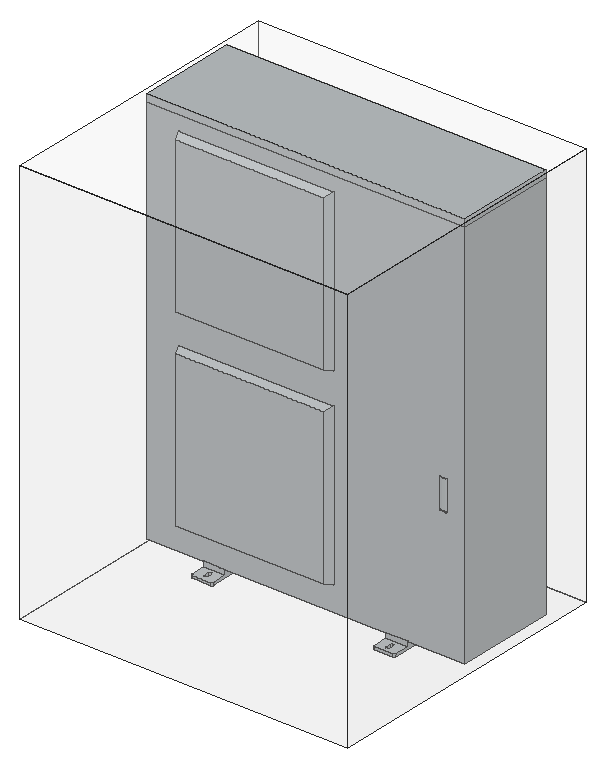
Revit family "puz-hrmp80_160ka10_60hz", category 機械設備, Revit 2023
Family settings
  丸型コネクタ寸法 = 直径を使用
  パーツ タイプ = 標準
  OmniClass 番号 = 23.75.10.24.21.27.27
  OmniClass タイトル = Split System Air Conditioning Units
  作業面ベース = いいえ
  常に垂直 = はい
  ロード時にボイドで切り取り = いいえ
  注釈の向きを維持 = いいえ
  共有 = いいえ
  部屋計算ポイント = いいえ
Parameters (values of type "PUZ-HRMP112KA10")
  風量_冷房 (㎥/min) = 110
  風量 = [風量_冷房 (㎥/min)] * 60.0 m³/h  # 6600.0 m³/h
  音響パワーレベル_暖房 (dB) = 69
  音響パワーレベル_冷房 (dB) = 66
  音響パワーレベル(dB) = if([音響パワーレベル_冷房 (dB)] > [音響パワーレベル_暖房 (dB)], [音響パワーレベル_冷房 (dB)], [音響パワーレベル_暖房 (dB)])  # 69
  電源種別 = ""
  電源位置Y = 2 mm
  電源位置Z = 1063 mm
  電源位置X = 325 mm
  電圧 = 200 V
  電動機出力_送風機 = 0.12 kW
  電動機出力_圧縮機 = 2.1 kW
  集中コントローラ [instance] = ""
  運転質量 = 0.00 kg
  運転方法 = "冷暖切替"
  質量 = if(製品質量 > 運転質量, 製品質量, 運転質量) * 1.2  # 135.60 kg
  負荷分類 = 1_熱源類
  説明 = "空冷H/P PAC インバータ室外機"
  設計暖房能力 [instance] = 0 kW
  設計冷房能力_顕熱 [instance] = 0 kW
  設計冷房能力 [instance] = 0 kW
  設置方法 = "床置形"
  記号 [instance] = ""
  製造元 = "三菱電機株式会社"
  製品質量 = 113.00 kg
  製品出荷対象 = "国内"
  製品リリース年月 = "2026/5/11"
  系統 [instance] = ""
  符号 = "PAC"
  積算_科目 = "1 空気調和設備"
  積算_拾い区分 [instance] = ""
  相 = 3
  盤記号 [instance] = ""
  発停方法 = "別売リモコン"
  特殊仕様 [instance] = ""
  消費電力_暖房 = 2.69 kW
  消費電力_冷房 = 2.5 kW
  消費電力 = if(消費電力_冷房 > 消費電力_暖房, 消費電力_冷房, 消費電力_暖房)  # 2.69 kW
  法定耐用年数 = "6"
  極数 = 3
  材質 [instance] = ""
  本体マテリアル = Galvanized steel plate
  最小電線太さ_mm2 = 5.5
  最大電流値 = 0 A
  暖房能力 = 11.2 kW
  既定の高さ = 0 mm
  推奨ブレーカー容量 = 30 A
  据付ピッチ1 = 0 mm
  形式 = "パッケージ形 室外機"
  形名 = PUZ-HDRMP-3 : PUZ-HDRMP-3
  幹線記号 [instance] = ""
  始動方式 = "インバータ"
  呼称 = "パッケージ形空気調和機_室外機"
  周波数 = 60 Hz
  価格 = 0
  ドレン　位置Z = 23 mm
  ドレン　位置Y = 176 mm
  ドレン　位置X = 45 mm
  アンカーボルト位置Y = 370 mm
  アンカーボルト位置X = 600 mm
  参照している仕様書等のバージョン = "公共建築物標準仕様書（機械設備工事編）平成31年度版"
  分類コード = "50053003126100"
  分類グループ = "設備"
  冷房能力 = 10 kW
  冷媒管（ガス）位置X = 483 mm
  冷媒管（液）位置X = 423 mm
  冷媒管（液）位置Y = 290 mm
  冷媒管（ガス）位置Y = 274 mm
  冷媒管長 [instance] = 0 mm
  冷媒管径符号 = "Bd"
  冷媒管径 = 100 mm
  冷媒管位置Z = 450 mm
  冷媒管位置Y = (冷媒管（液）位置Y + 冷媒管（ガス）位置Y) / 2  # 282 mm
  冷媒管位置X = (冷媒管（液）位置X + 冷媒管（ガス）位置X) / 2  # 453 mm
  冷媒液管径 = 9.52 mm
  冷媒ガス管径 = 15.88 mm
  企業コード = "108420"
  付属品 [instance] = ""
  ユニット数 = 1
  モデル = "PUZ-HRMP112KA10"
  ドレン管径 = 33 mm
  サービススペース = yes
  コメント [instance] = ""
  【値が 0 の項目は組合せ形名にてご確認ください】 = ""
  Width = 1050 mm
  Version = ""
  Uniclass2015Version = "Systems v1.9"
  Uniclass2015Title = "Split coil remote air cooled condensing units"
  Uniclass2015Code = "Pr_70_65_03_84"
  URL = "https://www.mitsubishielectric.co.jp/ldg/wink/qr/002/364625"
  SpecificationReference = ""
  SpecificationDescription = ""
  Revision = ""
  ProductInformation = ""
  OmniClassCode = "23-33 17 13 11"
  IfcTypeProduct = ""
  IfcProduct = ""
  IfcExportType = "AIRCONDITIONINGUNIT"
  IfcExportAs = "IfcUnitaryEquipmentType"
  Height = 1338 mm
  Depth = 330 mm
  Clearance Top = 0 mm
  Clearance Right = 15 mm
  Clearance Left = 15 mm
  Clearance Front = 500 mm
  Clearance Bottom = 0 mm
  Clearance Back = 150 mm
  COP_暖房 = 0
  COP_冷房 = 0
  COP = (COP_冷房 + COP_暖房) / 2  # 0
  BLCJ仕様バージョン = "2.0"
  Author = "三菱電機株式会社"
  APF = 0
Reference planes
  plane 1 "中心(正面/背面)": y = 74
  plane 2: z = 0
  plane 3 "中心(左/右)": x = 830
  plane 4 "右": x = 1355
  plane 5 "左": x = 305
  plane 6 "背面": y = 239
  plane 7 "正面": y = -91
  plane 8 "上部": z = 1338
  plane 9 "Clearanse Top": z = 1338
  plane 10 "SS_back": y = 389
  plane 11 "SS_front": y = -591
  plane 12 "SS_left": x = 290
  plane 13 "SS_right": x = 1370
  plane 14: z = 0
  plane 15: y = -89
  plane 16: x = 1155
  plane 17: z = 1063
  plane 18: y = -87
  plane 19: y = -43
  plane 20: x = 1283
  plane 21: z = 450
  plane 22: z = 452
  plane 23: y = 63
  plane 24: x = 350
  plane 25: z = 25
  plane 26: z = 23
  plane 27: x = 530
  plane 28: x = 1130
  plane 29: y = 259
  plane 30: y = -111
Forms (mm)
  Extrusion 1, solid, detail levels fine
    sketch origin (0, -91, 0) x (1, 0, 0) y (0, 0, 1)
      loop
        circle (1155, 1063) r 13.5
    from -4 to -2
  Extrusion 2, solid, detail levels fine
    sketch origin (-1437.329, -1524, 54) x (-1, 0, 0) y (0, -1, 0)
      loop
        circle (-2720.329, -1481) r 50
    from 396 to 398
  Extrusion 3, solid, detail levels fine
    sketch origin (-1437.329, -1524, 54) x (-1, 0, 0) y (0, -1, 0)
      loop
        circle (-1787.329, -1587) r 16.5
    from -31 to -29
Lines and regions (mm)
  model lines, not visible
    curve 1: line (460, 178.667, 1289.179) -> (460, 297.73, 1289.179)
    curve 2: line (460, 178.667, 1056.056) -> (460, 178.667, 1289.179)
    curve 3: line (460, 297.73, 1056.056) -> (460, 178.667, 1056.056)
    curve 4: line (460, 297.73, 1289.179) -> (460, 297.73, 1056.056)
    curve 5: line (460, 47.598, 1289.179) -> (460, 166.661, 1289.179)
    curve 6: line (460, 47.598, 1056.056) -> (460, 47.598, 1289.179)
    curve 7: line (460, 166.661, 1056.056) -> (460, 47.598, 1056.056)
    curve 8: line (460, 166.661, 1289.179) -> (460, 166.661, 1056.056)
    curve 9: line (460, -83.471, 1289.179) -> (460, 35.592, 1289.179)
    curve 10: line (460, -83.471, 1056.056) -> (460, -83.471, 1289.179)
    curve 11: line (460, 35.592, 1056.056) -> (460, -83.471, 1056.056)
    curve 12: line (460, 35.592, 1289.179) -> (460, 35.592, 1056.056)
    curve 13: line (460, -150.779, 1289.179) -> (460, -95.75, 1289.179)
    curve 14: line (460, -150.779, 1056.056) -> (460, -150.779, 1289.179)
    curve 15: line (460, -95.75, 1056.056) -> (460, -150.779, 1056.056)
    curve 16: line (460, -95.75, 1289.179) -> (460, -95.75, 1056.056)
    curve 17: line (460, -150.779, 1283.175) -> (460, -132.596, 1283.175)
    curve 18: line (460, -150.779, 1062.059) -> (460, -150.779, 1283.175)
    curve 19: line (460, -132.596, 1062.059) -> (460, -150.779, 1062.059)
    curve 20: line (460, -132.596, 1283.175) -> (460, -132.596, 1062.059)
    curve 21: line (460, 178.667, 1046.051) -> (460, 297.73, 1046.051)
    curve 22: line (460, 178.667, 812.928) -> (460, 178.667, 1046.051)
    curve 23: line (460, 297.73, 812.928) -> (460, 178.667, 812.928)
    curve 24: line (460, 297.73, 1046.051) -> (460, 297.73, 812.928)
    curve 25: line (460, 47.598, 1046.051) -> (460, 166.661, 1046.051)
    curve 26: line (460, 47.598, 812.928) -> (460, 47.598, 1046.051)
    curve 27: line (460, 166.661, 812.928) -> (460, 47.598, 812.928)
    curve 28: line (460, 166.661, 1046.051) -> (460, 166.661, 812.928)
    curve 29: line (460, -83.471, 1046.051) -> (460, 35.592, 1046.051)
    curve 30: line (460, -83.471, 812.928) -> (460, -83.471, 1046.051)
    curve 31: line (460, 35.592, 812.928) -> (460, -83.471, 812.928)
    curve 32: line (460, 35.592, 1046.051) -> (460, 35.592, 812.928)
    curve 33: line (460, -150.779, 1046.051) -> (460, -95.75, 1046.051)
    curve 34: line (460, -150.779, 812.928) -> (460, -150.779, 1046.051)
    curve 35: line (460, -95.75, 812.928) -> (460, -150.779, 812.928)
    curve 36: line (460, -95.75, 1046.051) -> (460, -95.75, 812.928)
    curve 37: line (460, -150.779, 1040.048) -> (460, -132.596, 1040.048)
    curve 38: line (460, -150.779, 818.931) -> (460, -150.779, 1040.048)
    curve 39: line (460, -132.596, 818.931) -> (460, -150.779, 818.931)
    curve 40: line (460, -132.596, 1040.048) -> (460, -132.596, 818.931)
    curve 41: line (460, 178.667, 802.923) -> (460, 297.73, 802.923)
    curve 42: line (460, 178.667, 569.8) -> (460, 178.667, 802.923)
    curve 43: line (460, 297.73, 569.8) -> (460, 178.667, 569.8)
    curve 44: line (460, 297.73, 802.923) -> (460, 297.73, 569.8)
    curve 45: line (460, 47.598, 802.923) -> (460, 166.661, 802.923)
    curve 46: line (460, 47.598, 569.8) -> (460, 47.598, 802.923)
    curve 47: line (460, 166.661, 569.8) -> (460, 47.598, 569.8)
    curve 48: line (460, 166.661, 802.923) -> (460, 166.661, 569.8)
    curve 49: line (460, -83.471, 802.923) -> (460, 35.592, 802.923)
    curve 50: line (460, -83.471, 569.8) -> (460, -83.471, 802.923)
    curve 51: line (460, 35.592, 569.8) -> (460, -83.471, 569.8)
    curve 52: line (460, 35.592, 802.923) -> (460, 35.592, 569.8)
    curve 53: line (460, -150.779, 802.923) -> (460, -95.75, 802.923)
    curve 54: line (460, -150.779, 569.8) -> (460, -150.779, 802.923)
    curve 55: line (460, -95.75, 569.8) -> (460, -150.779, 569.8)
    curve 56: line (460, -95.75, 802.923) -> (460, -95.75, 569.8)
    curve 57: line (460, -150.779, 796.92) -> (460, -132.596, 796.92)
    curve 58: line (460, -150.779, 575.803) -> (460, -150.779, 796.92)
    curve 59: line (460, -132.596, 575.803) -> (460, -150.779, 575.803)
    curve 60: line (460, -132.596, 796.92) -> (460, -132.596, 575.803)
    curve 61: line (460, 178.667, 559.795) -> (460, 297.73, 559.795)
    curve 62: line (460, 178.667, 326.672) -> (460, 178.667, 559.795)
    curve 63: line (460, 297.73, 326.672) -> (460, 178.667, 326.672)
    curve 64: line (460, 297.73, 559.795) -> (460, 297.73, 326.672)
    curve 65: line (460, 47.598, 559.795) -> (460, 166.661, 559.795)
    curve 66: line (460, 47.598, 326.672) -> (460, 47.598, 559.795)
    curve 67: line (460, 166.661, 326.672) -> (460, 47.598, 326.672)
    curve 68: line (460, 166.661, 559.795) -> (460, 166.661, 326.672)
    curve 69: line (460, -83.471, 559.795) -> (460, 35.592, 559.795)
    curve 70: line (460, -83.471, 326.672) -> (460, -83.471, 559.795)
    curve 71: line (460, 35.592, 326.672) -> (460, -83.471, 326.672)
    curve 72: line (460, 35.592, 559.795) -> (460, 35.592, 326.672)
    curve 73: line (460, -150.779, 559.795) -> (460, -95.75, 559.795)
    curve 74: line (460, -150.779, 326.672) -> (460, -150.779, 559.795)
    curve 75: line (460, -95.75, 326.672) -> (460, -150.779, 326.672)
    curve 76: line (460, -95.75, 559.795) -> (460, -95.75, 326.672)
    curve 77: line (460, -150.779, 553.792) -> (460, -132.596, 553.792)
    curve 78: line (460, -150.779, 332.675) -> (460, -150.779, 553.792)
    curve 79: line (460, -132.596, 332.675) -> (460, -150.779, 332.675)
    curve 80: line (460, -132.596, 553.792) -> (460, -132.596, 332.675)
    curve 81: line (460, 178.667, 316.667) -> (460, 297.73, 316.667)
    curve 82: line (460, 178.667, 83.544) -> (460, 178.667, 316.667)
    curve 83: line (460, 297.73, 83.544) -> (460, 178.667, 83.544)
    curve 84: line (460, 297.73, 316.667) -> (460, 297.73, 83.544)
    curve 85: line (460, 47.598, 316.667) -> (460, 166.661, 316.667)
    curve 86: line (460, 47.598, 83.544) -> (460, 47.598, 316.667)
    curve 87: line (460, 166.661, 83.544) -> (460, 47.598, 83.544)
    curve 88: line (460, 166.661, 316.667) -> (460, 166.661, 83.544)
    curve 89: line (460, -83.471, 316.667) -> (460, 35.592, 316.667)
    curve 90: line (460, -83.471, 83.544) -> (460, -83.471, 316.667)
    curve 91: line (460, 35.592, 83.544) -> (460, -83.471, 83.544)
    curve 92: line (460, 35.592, 316.667) -> (460, 35.592, 83.544)
    curve 93: line (460, -150.779, 316.667) -> (460, -95.75, 316.667)
    curve 94: line (460, -150.779, 83.544) -> (460, -150.779, 316.667)
    curve 95: line (460, -95.75, 83.544) -> (460, -150.779, 83.544)
    curve 96: line (460, -95.75, 316.667) -> (460, -95.75, 83.544)
    curve 97: line (460, -150.779, 310.664) -> (460, -132.596, 310.664)
    curve 98: line (460, -150.779, 89.547) -> (460, -150.779, 310.664)
    curve 99: line (460, -132.596, 89.547) -> (460, -150.779, 89.547)
    curve 100: line (460, -132.596, 310.664) -> (460, -132.596, 89.547)
Dimensions and locks
  equal spacing: plane 7 "正面", plane 1 "中心(正面/背面)", plane 6 "背面"
  "Depth": plane 7 "正面" to plane 6 "背面"
  "Width": plane 5 "左" to plane 4 "右"
  equal spacing: plane 5 "左", plane 3 "中心(左/右)", plane 4 "右"
  "Clearance Left": plane 12 "SS_left" to plane 5 "左"
  "Clearance Right": plane 4 "右" to plane 13 "SS_right"
  "Clearance Back": plane 6 "背面" to plane 10 "SS_back"
  "Clearance Front": plane 11 "SS_front" to plane 7 "正面"
  "Height": plane 8 "上部" to level
  "Clearance Top": plane 9 "Clearanse Top" to plane 8 "上部"
  "Clearance Bottom": level to plane 14
  "電源位置X": plane 3 "中心(左/右)" to plane 16
  "電源位置Y": plane 7 "正面" to plane 15
  "電源位置Z": plane 17 to level
  locked: plane 15 to plane 18 at 2
  "冷媒管位置X": plane 3 "中心(左/右)" to plane 20
  "冷媒管位置Y": plane 19 to plane 6 "背面"
  "冷媒管位置Z": plane 21 to level
  locked: plane 22 to plane 21 at 2
  "ドレン　位置X": plane 5 "左" to plane 24
  "ドレン　位置Y": plane 23 to plane 6 "背面"
  locked: plane 25 to plane 26 at 2
  "ドレン　位置Z": plane 26 to level
  equal spacing: plane 30, plane 1 "中心(正面/背面)", plane 29
  "アンカーボルト位置Y": plane 30 to plane 29
  equal spacing: plane 27, plane 3 "中心(左/右)", plane 28
  "アンカーボルト位置X": plane 27 to plane 28
  radius of Extrusion 1 sketch curve = 13.5 mm
  "冷媒管径": diameter of Extrusion 2 sketch curve
  "ドレン管径": diameter of Extrusion 3 sketch curve
  aligned and locked: level to plane 2
  aligned and locked: plane 10 "SS_back" to nested 1  (x2)
  aligned and locked: plane 13 "SS_right" to nested 1
  aligned and locked: plane 12 "SS_left" to nested 1  (x2)
  aligned and locked: nested 1 to plane 13 "SS_right"
  aligned and locked: plane 11 "SS_front" to nested 1
  aligned and locked: plane 9 "Clearanse Top" to nested 1
  aligned and locked: plane 1 "中心(正面/背面)" to nested 2
  aligned and locked: plane 3 "中心(左/右)" to nested 2
  aligned and locked: plane 14 to nested 1
  aligned and locked: plane 17 to Extrusion 1 sketch curve
  aligned and locked: plane 16 to Extrusion 1 sketch curve
  aligned and locked: Extrusion 1 to plane 18
  aligned and locked: plane 15 to Extrusion 1
  aligned and locked: plane 19 to Extrusion 2 sketch curve
  aligned and locked: plane 20 to Extrusion 2 sketch curve
  aligned and locked: plane 22 to Extrusion 2
  aligned and locked: Extrusion 2 to plane 21
  aligned and locked: plane 24 to Extrusion 3 sketch curve
  aligned and locked: plane 23 to Extrusion 3 sketch curve
  aligned and locked: plane 25 to Extrusion 3
  aligned and locked: Extrusion 3 to plane 26
  aligned and locked: plane 27 to nested 3
  aligned and locked: plane 29 to nested 3
Nested families
  nested 1: "サービススペース" at (830, -101, 669), visible <- "サービススペース", type "サービススペース"
    with Width 1080 mm, Height 1338 mm, Depth 980 mm
  nested 2: "PUZ-HDRMP-3" at (830, 74, 0), type <- "形名", type "PUZ-HDRMP-3", detail levels fine
  nested 3: "固定点" at (530, -111, 0), type "固定点"
    with W 600 mm, D 370 mm
Connectors
  piping at (1283, -43, 450), diameter 100, driven by "冷媒管径", driven by "冷媒管径符号"
    settings: on Extrusion 2, index 1, connector inside diameter 609.6 mm, connector length 0 mm, flow factor 0, pipe flow 0.0 L/s, pressure drop 0.0 Pa, fitting loss kfactor 0, connector angle 0.00°, fixture units 0, engagement length 0 mm, angle of deflection 0.00°, flow configuration 1, flow direction 2, fitting loss method 4, system type 7, joint type 0, gender type 0, connector reference index -1, connector utility 0, adjustable connector no, is connector primary yes, connector description "Bd"
  electrical at (1155, -89, 1063), driven by "極数", driven by "負荷分類", driven by "電圧", driven by "消費電力"
    settings: on Extrusion 1, index 2, voltage 200 V, apparent load 2690 VA, apparent load phase1 0 VA, apparent load phase2 0 VA, apparent load phase3 0 VA, power factor 1, load classification "1_熱源類", number of poles 3, system type 30, power factor state 1, is connector primary yes, connector utility no, sub classification motor no, connector description ""
Definition of nested family "サービススペース"
  Parameters (values of type "サービススペース")
    Default Elevation = 0 mm
    Width [instance] = 500 mm
    Height [instance] = 500 mm
    Depth [instance] = 500 mm
  Reference planes
    plane 1 "中心(正面/背面)": y = 0
    plane 2: z = 0
    plane 3 "中心(左/右)": x = 0
    plane 4: y = -250
    plane 5: x = 250
    plane 6: y = 250
    plane 7: x = -250
    plane 8: z = 250
    plane 9: z = -250
  Forms (mm)
    Extrusion 1, solid
      sketch origin (-638.939, 0, 72.39) x (1, 0, 0) y (0, 1, 0)
        loop
          line (388.939, 250) -> (388.939, -250) -> (888.939, -250) -> (888.939, 250) -> (388.939, 250)
      from -322.39 to 177.61
  Lines and regions (mm)
    symbolic lines
      curve 1: line (-250, 0, 250) -> (250, 0, 250)
      curve 2: line (-250, 0, -250) -> (-250, 0, 250)
      curve 3: line (250, 0, -250) -> (-250, 0, -250)
      curve 4: line (250, 0, 250) -> (250, 0, -250)
      curve 5: line (0, -250, 250) -> (0, 250, 250)
      curve 6: line (0, -250, -250) -> (0, -250, 250)
      curve 7: line (0, 250, -250) -> (0, -250, -250)
      curve 8: line (0, 250, 250) -> (0, 250, -250)
      curve 9: line (-250, 250, 0) -> (250, 250, 0)
      curve 10: line (-250, -250, 0) -> (-250, 250, 0)
      curve 11: line (250, -250, 0) -> (-250, -250, 0)
      curve 12: line (250, 250, 0) -> (250, -250, 0)
  Dimensions and locks
    equal spacing: plane 7, plane 3 "中心(左/右)", plane 5
    equal spacing: plane 4, plane 1 "中心(正面/背面)", plane 6
    "Depth": plane 4 to plane 6
    "Width": plane 7 to plane 5
    equal spacing: plane 8, plane 2, plane 9
    "Height": plane 8 to plane 9
    aligned and locked: plane 9 to curve 3
    aligned and locked: plane 7 to curve 2
    aligned and locked: curve 4 to plane 5
    aligned and locked: plane 5 to Extrusion 1
    aligned and locked: Extrusion 1 to plane 7
    aligned and locked: Extrusion 1 to plane 9
    aligned and locked: plane 8 to Extrusion 1
    aligned and locked: plane 9 to curve 7
  Automatic sketch dimensions
    plane 4 to Extrusion 1 sketch curve = 0 mm
    Extrusion 1 sketch curve to plane 7 = 0 mm
    Extrusion 1 sketch curve to plane 5 = 0 mm
    plane 6 to Extrusion 1 sketch curve = 0 mm
    curve 2 to plane 8 = 0 mm
    plane 4 to curve 11 = 0 mm
    curve 11 to plane 7 = 0 mm
    curve 11 to plane 5 = 0 mm
    plane 6 to curve 10 = 0 mm
    curve 7 to plane 4 = 0 mm
    curve 7 to plane 6 = 0 mm
    curve 6 to plane 8 = 0 mm
Definition of nested family "PUZ-HDRMP-3"
  Parameters (values of type "PUZ-HDRMP-3")
    配線取出口サイズ = 27 mm
    配線取出口-Z = 1063 mm
    配線取出口-Y = 325 mm
    配線取出口-X = 325 mm
    液配管サイズ = 100 mm
    高さ = 1338 mm
    Default Elevation = 0 mm
    換気-W = 362 mm
    換気-H2 = 632 mm
    換気-H1 = 369 mm
    換気-D = 25 mm
    奥行き = 330 mm
    吊りボルト_H = 0 mm
    吊りボルト-φ = 12 mm
    冷媒配管サイズ = 9.52 mm
    冷媒液管径-Z = 450 mm
    冷媒液管径-Y = 290 mm
    冷媒液管径-X = 423 mm
    冷媒ガス管径-Z = 421 mm
    冷媒ガス管径-Y = 274 mm
    冷媒ガス管径-X = 483 mm
    吊りボルト-W = 600 mm
    マテリアル = none
    ドレン配管サイズ = 33 mm
    ドレン管径-Z = 0 mm
    ドレン管径-Y = 154 mm
    ドレン管径-X = 480 mm
    タイプ3 = yes
    タイプ2 = no
    タイプ1 = no
    ガス配管サイズ = 15.88 mm
    吊りボルト-D = 370 mm
    幅さ = 1050 mm
    a = 幅さ / 2  # 525 mm
  Reference planes
    plane 1 "中心(正面/背面)": y = 0
    plane 2: z = 0
    plane 3 "中心(左/右)": x = 0
    plane 4: z = 1338
    plane 5: x = -525
    plane 6: x = 525
    plane 7: y = 165
    plane 8: y = -165
    plane 9: x = 587
    plane 10: y = -105
    plane 11: y = 5
    plane 12: z = 1313
    plane 13: x = -545
    plane 14: x = -300
    plane 15: x = 300
    plane 16: y = 185
    plane 17: y = -185
    plane 18: x = 335
    plane 19: x = 265
    plane 20: x = -265
    plane 21: x = -335
    plane 22: y = 204
    plane 23: y = -218
    plane 24: z = 8.5
    plane 25: z = 25
    plane 26: z = 23
    plane 27: z = 1333
    plane 28: y = -40
    plane 29: y = 40
    plane 30: y = -30
    plane 31: y = 30
    plane 32: z = 1318
    plane 33: z = 55
    plane 34: z = 225
    plane 35: z = 570
    plane 36: x = 535
    plane 37: x = 556
    plane 38: y = -190
    plane 39: x = -163
    plane 40: z = 369
    plane 41: x = 91
    plane 42: x = -417
    plane 43: z = 633
    plane 44: z = 105
    plane 45: x = -407
    plane 46: x = 81
    plane 47: z = 623
    plane 48: z = 115
    plane 49: y = 115
    plane 50: y = -115
    plane 51: x = -480
    plane 52: y = -11
    plane 53: x = 483
    plane 54: x = 325
    plane 55: y = -160
    plane 56: y = -125
    plane 57: y = -109
    plane 58: x = 423
    plane 59: z = 421
    plane 60: z = 450
    plane 61: z = 1063
    plane 62: y = -110
    plane 63: z = 550
    plane 64: z = 550
    plane 65: x = 453
    plane 66: y = -117
    plane 67 "グループ": x = -525
    plane 68: z = 1338
    plane 69: z = 943
    plane 70: z = 1001
    plane 71: z = 1265
    plane 72: z = 737
    plane 73: z = 1255
    plane 74: z = 747
    plane 75: y = 125
    plane 76: x = -370
    plane 77: x = -210
    plane 78: x = -50
    plane 79: x = 110
  Forms (mm)
    Extrusion 1, solid, visible <- "タイプ3", detail levels fine
      sketch origin (-1437.329, -1524, 1338) x (-1, 0, 0) y (0, -1, 0)
        loop
          line (-1102.329, -1689) -> (-1102.329, -1359) -> (-1172.329, -1359) -> (-1172.329, -1689) -> (-1102.329, -1689)
        loop
          line (-1702.329, -1689) -> (-1702.329, -1359) -> (-1772.329, -1359) -> (-1772.329, -1689) -> (-1702.329, -1689)
      from -1338 to -1313
    Extrusion 2, solid, material <- "マテリアル", visible <- "タイプ3", detail levels fine
      sketch origin (-1437.329, -1524, 1338) x (-1, 0, 0) y (0, -1, 0)
        loop
          line (-1962.329, -1689) -> (-912.329, -1689) -> (-912.329, -1359) -> (-1962.329, -1359) -> (-1962.329, -1689)
      from -1313 to -25
    Extrusion 3, solid, material <- "マテリアル", visible <- "タイプ3", detail levels fine
      sketch origin (-1437.329, -1524, 1338) x (-1, 0, 0) y (0, -1, 0)
        loop
          line (-912.329, -1689) -> (-912.329, -1359) -> (-1962.329, -1359) -> (-1962.329, -1689) -> (-912.329, -1689)
      from -25 to 0
    Blend 4, solid, material <- "マテリアル", visible <- "タイプ3", detail levels fine
      base sketch origin (0, 0, 0) x (1, 0, 0) y (0, 0, 1)
        loop
          line (-417, 633) -> (-417, 105) -> (91, 105) -> (91, 633) -> (-417, 633)
      top sketch origin (0, 0, 0) x (1, 0, 0) y (0, 0, 1)
        loop
          line (-407, 623) -> (-407, 115) -> (81, 115) -> (81, 623) -> (-407, 623)
      from 165 to 190
    Extrusion 5, solid, material <- "マテリアル", visible <- "タイプ3", detail levels fine
      sketch origin (-1437.329, -1524, 1338) x (-1, 0, 0) y (0, -1, 0)
        loop
          circle (-1920.329, -1415) r 7.94
      from -917 to -788
    Extrusion 6, solid, material <- "マテリアル", visible <- "タイプ3", detail levels fine
      sketch origin (-1437.329, -1524, 1338) x (-1, 0, 0) y (0, -1, 0)
        loop
          circle (-1860.329, -1399) r 4.76
      from -888 to -788
    Extrusion 7, solid, material <- "マテリアル", visible <- "タイプ3", detail levels fine
      sketch origin (1480.036, -190, 1200) x (1, 0, 0) y (0, 0, 1)
        loop
          circle (-1155.036, -137) r 13.5
      from -80 to -30
    Extrusion 8, solid, material <- "マテリアル", visible <- "タイプ3", detail levels fine
      sketch origin (-1437.329, -1524, 1338) x (-1, 0, 0) y (0, -1, 0)
        loop
          circle (-1890.329, -1407) r 50
      from -888 to -788
    Blend 9, solid, material <- "マテリアル", visible <- "タイプ3", detail levels fine
      base sketch origin (1480.036, -190, 1200) x (1, 0, 0) y (0, 0, 1)
        loop
          line (-1897.036, 65) -> (-1897.036, -463) -> (-1389.036, -463) -> (-1389.036, 65) -> (-1897.036, 65)
      top sketch origin (1480.036, -190, 1200) x (1, 0, 0) y (0, 0, 1)
        loop
          line (-1887.036, 55) -> (-1887.036, -453) -> (-1399.036, -453) -> (-1399.036, 55) -> (-1887.036, 55)
      from -25 to 0
    Extrusion 10, solid, visible <- "タイプ3", detail levels fine
      sketch origin (-1437.329, -1524, 1338) x (-1, 0, 0) y (0, -1, 0)
        loop
          line (-1102.329, -1728) -> (-1102.329, -1689) -> (-1172.329, -1689) -> (-1172.329, -1728) -> (-1143.329, -1728) -> (-1143.329, -1709)
          arc (-1143.329, -1709) -> (-1137.329, -1703) -> (-1131.329, -1709) r 6
          line (-1131.329, -1709) -> (-1131.329, -1728) -> (-1102.329, -1728)
        loop
          line (-1102.329, -1359) -> (-1102.329, -1311)
          arc (-1102.329, -1311) -> (-1103.794, -1307.464) -> (-1107.329, -1306) r 5
          line (-1107.329, -1306) -> (-1167.329, -1306)
          arc (-1167.329, -1306) -> (-1170.865, -1307.464) -> (-1172.329, -1311) r 5
          line (-1172.329, -1311) -> (-1172.329, -1359) -> (-1102.329, -1359)
        loop
          arc (-1143.329, -1339) -> (-1137.329, -1345) -> (-1131.329, -1339) r 6
          line (-1131.329, -1339) -> (-1131.329, -1324)
          arc (-1131.329, -1324) -> (-1137.329, -1318) -> (-1143.329, -1324) r 6
          line (-1143.329, -1324) -> (-1143.329, -1339)
        loop
          line (-1772.329, -1728) -> (-1743.329, -1728) -> (-1743.329, -1709)
          arc (-1743.329, -1709) -> (-1737.329, -1703) -> (-1731.329, -1709) r 6
          line (-1731.329, -1709) -> (-1731.329, -1728) -> (-1702.329, -1728) -> (-1702.329, -1689) -> (-1772.329, -1689) -> (-1772.329, -1728)
        loop
          line (-1772.329, -1359) -> (-1702.329, -1359) -> (-1702.329, -1311)
          arc (-1702.329, -1311) -> (-1703.794, -1307.464) -> (-1707.329, -1306) r 5
          line (-1707.329, -1306) -> (-1767.329, -1306)
          arc (-1767.329, -1306) -> (-1770.865, -1307.464) -> (-1772.329, -1311) r 5
          line (-1772.329, -1311) -> (-1772.329, -1359)
        loop
          line (-1731.329, -1339) -> (-1731.329, -1324)
          arc (-1731.329, -1324) -> (-1737.329, -1318) -> (-1743.329, -1324) r 6
          line (-1743.329, -1324) -> (-1743.329, -1339)
          arc (-1743.329, -1339) -> (-1737.329, -1345) -> (-1731.329, -1339) r 6
      from -1338 to -1329.5
    Extrusion 11, solid, material <- "マテリアル", visible <- "タイプ3", detail levels fine
      sketch origin (-1437.329, -1524, 1338) x (-1, 0, 0) y (0, -1, 0)
        loop
          circle (-957.329, -1513) r 16.5
        loop
          circle (-1067.329, -1649) r 16.5
        loop
          circle (-1227.329, -1649) r 16.5
        loop
          circle (-1387.329, -1649) r 16.5
        loop
          circle (-1547.329, -1649) r 16.5
      from -1315 to -1313
  Cuts and joins
    joined: Extrusion 1, Extrusion 10
  Lines and regions (mm)
    Masking region 1, visible <- "タイプ3", detail levels coarse+medium
      outline origin (-1437.329, -1524, 1338) x (-1, 0, 0) y (0, -1, 0)
        loop
          line (-1962.329, -1689) -> (-1772.329, -1689) -> (-1772.329, -1728) -> (-1702.329, -1728) -> (-1702.329, -1689) -> (-1172.329, -1689) -> (-1172.329, -1728) -> (-1102.329, -1728) -> (-1102.329, -1689) -> (-912.329, -1689) -> (-912.329, -1359) -> (-1020.329, -1359) -> (-1030.329, -1334) -> (-1102.329, -1334) -> (-1102.329, -1306) -> (-1172.329, -1306) -> (-1172.329, -1334) -> (-1518.329, -1334) -> (-1528.329, -1359) -> (-1702.329, -1359) -> (-1702.329, -1306) -> (-1772.329, -1306) -> (-1772.329, -1359) -> (-1962.329, -1359) -> (-1962.329, -1689)
    model lines, visible <- "タイプ3", detail levels fine
      curve 1: line (447, 115, 1338) -> (-445, 115, 1338)
      curve 2: line (-445, -115, 1338) -> (447, -115, 1338)
      curve 3: line (-445, -45, 1338) -> (447, -45, 1338)
      curve 4: line (447, 45, 1338) -> (-445, 45, 1338)
      curve 5: line (-445, -35, 1338) -> (447, -35, 1338)
      curve 6: line (447, 35, 1338) -> (-445, 35, 1338)
      curve 7: line (-445, 115, 1338) -> (-445, 45, 1338)
      curve 8: line (447, -115, 1338) -> (447, -45, 1338)
      curve 9: line (-445, 35, 1338) -> (-445, -35, 1338)
      curve 10: line (-445, -45, 1338) -> (-445, -115, 1338)
      curve 11: line (447, -35, 1338) -> (447, 35, 1338)
      curve 12: line (447, 45, 1338) -> (447, 115, 1338)
      curve 13: line (479, -115, 1338) -> (479, 115, 1338)
      curve 14: line (462, -115, 1338) -> (462, 115, 1338)
      curve 15: line (-475, 115, 1338) -> (-475, -115, 1338)
      curve 16: line (-460, 115, 1338) -> (-460, -115, 1338)
      curve 17: line (-460, 115, 1338) -> (-475, 115, 1338)
      curve 18: line (-460, -115, 1338) -> (-475, -115, 1338)
      curve 19: line (462, 115, 1338) -> (479, 115, 1338)
      curve 20: line (462, -115, 1338) -> (479, -115, 1338)
      curve 21: line (-407, -190, 416.5) -> (81, -190, 416.5)
      curve 22: line (81, -190, 321.5) -> (-407, -190, 321.5)
      curve 23: line (-407, -190, 511.5) -> (81, -190, 511.5)
      curve 24: line (-407, -190, 606.5) -> (81, -190, 606.5)
      curve 25: line (81, -190, 226.5) -> (-407, -190, 226.5)
      curve 26: line (81, -190, 131.5) -> (-407, -190, 131.5)
      curve 27: line (-389.571, -190, 623) -> (-389.571, -190, 115)
      curve 28: line (63.571, -190, 115) -> (63.571, -190, 623)
      curve 29: line (-372.143, -190, 623) -> (-372.143, -190, 115)
      curve 30: line (-354.714, -190, 623) -> (-354.714, -190, 115)
      curve 31: line (-337.286, -190, 623) -> (-337.286, -190, 115)
      curve 32: line (-319.857, -190, 623) -> (-319.857, -190, 115)
      curve 33: line (-302.429, -190, 623) -> (-302.429, -190, 115)
      curve 34: line (-285, -190, 623) -> (-285, -190, 115)
      curve 35: line (-267.571, -190, 623) -> (-267.571, -190, 115)
      curve 36: line (-250.143, -190, 623) -> (-250.143, -190, 115)
      curve 37: line (-232.714, -190, 623) -> (-232.714, -190, 115)
      curve 38: line (-215.286, -190, 623) -> (-215.286, -190, 115)
      curve 39: line (-197.857, -190, 623) -> (-197.857, -190, 115)
      curve 40: line (-180.429, -190, 623) -> (-180.429, -190, 115)
      curve 41: line (-163, -190, 623) -> (-163, -190, 115)
      curve 42: line (-145.571, -190, 623) -> (-145.571, -190, 115)
      curve 43: line (-128.143, -190, 623) -> (-128.143, -190, 115)
      curve 44: line (-110.714, -190, 623) -> (-110.714, -190, 115)
      curve 45: line (-93.286, -190, 623) -> (-93.286, -190, 115)
      curve 46: line (-75.857, -190, 623) -> (-75.857, -190, 115)
      curve 47: line (-58.429, -190, 623) -> (-58.429, -190, 115)
      curve 48: line (-41, -190, 623) -> (-41, -190, 115)
      curve 49: line (-23.571, -190, 623) -> (-23.571, -190, 115)
      curve 50: line (-6.143, -190, 623) -> (-6.143, -190, 115)
      curve 51: line (11.286, -190, 623) -> (11.286, -190, 115)
      curve 52: line (28.714, -190, 623) -> (28.714, -190, 115)
      curve 53: line (46.143, -190, 623) -> (46.143, -190, 115)
      curve 54: line (-525, -100, 87) -> (-525, -60, 87)
      curve 55: line (-525, -100, 277) -> (-525, -100, 87)
      curve 56: line (-525, -60, 277) -> (-525, -100, 277)
      curve 57: line (-525, -60, 87) -> (-525, -60, 277)
      curve 58: line (-525, -100, 292) -> (-525, -60, 292)
      curve 59: line (-525, -100, 482) -> (-525, -100, 292)
      curve 60: line (-525, -60, 482) -> (-525, -100, 482)
      curve 61: line (-525, -60, 292) -> (-525, -60, 482)
      curve 62: line (-525, -100, 497) -> (-525, -60, 497)
      curve 63: line (-525, -100, 687) -> (-525, -100, 497)
      curve 64: line (-525, -60, 687) -> (-525, -100, 687)
      curve 65: line (-525, -60, 497) -> (-525, -60, 687)
      curve 66: line (-525, -100, 702) -> (-525, -60, 702)
      curve 67: line (-525, -100, 892) -> (-525, -100, 702)
      curve 68: line (-525, -60, 892) -> (-525, -100, 892)
      curve 69: line (-525, -60, 702) -> (-525, -60, 892)
      curve 70: line (-525, 60, 87) -> (-525, 100, 87)
      curve 71: line (-525, 60, 277) -> (-525, 60, 87)
      curve 72: line (-525, 100, 277) -> (-525, 60, 277)
      curve 73: line (-525, 100, 87) -> (-525, 100, 277)
      curve 74: line (-525, -46.667, 87) -> (-525, -6.667, 87)
      curve 75: line (-525, -46.667, 277) -> (-525, -46.667, 87)
      curve 76: line (-525, -6.667, 277) -> (-525, -46.667, 277)
      curve 77: line (-525, -6.667, 87) -> (-525, -6.667, 277)
      curve 78: line (-525, 6.667, 87) -> (-525, 46.667, 87)
      curve 79: line (-525, 6.667, 277) -> (-525, 6.667, 87)
      curve 80: line (-525, 46.667, 277) -> (-525, 6.667, 277)
      curve 81: line (-525, 46.667, 87) -> (-525, 46.667, 277)
      curve 82: line (-525, 60, 292) -> (-525, 100, 292)
      curve 83: line (-525, 60, 482) -> (-525, 60, 292)
      curve 84: line (-525, 100, 482) -> (-525, 60, 482)
      curve 85: line (-525, 100, 292) -> (-525, 100, 482)
      curve 86: line (-525, 60, 702) -> (-525, 100, 702)
      curve 87: line (-525, 60, 892) -> (-525, 60, 702)
      curve 88: line (-525, 100, 892) -> (-525, 60, 892)
      curve 89: line (-525, 100, 702) -> (-525, 100, 892)
      curve 90: line (-525, -46.667, 292) -> (-525, -6.667, 292)
      curve 91: line (-525, -46.667, 482) -> (-525, -46.667, 292)
      curve 92: line (-525, -6.667, 482) -> (-525, -46.667, 482)
      curve 93: line (-525, -6.667, 292) -> (-525, -6.667, 482)
      curve 94: line (-525, -46.667, 497) -> (-525, -6.667, 497)
      curve 95: line (-525, -46.667, 687) -> (-525, -46.667, 497)
      curve 96: line (-525, -6.667, 687) -> (-525, -46.667, 687)
      curve 97: line (-525, -6.667, 497) -> (-525, -6.667, 687)
      curve 98: line (-525, -46.667, 702) -> (-525, -6.667, 702)
      curve 99: line (-525, -46.667, 892) -> (-525, -46.667, 702)
      curve 100: line (-525, -6.667, 892) -> (-525, -46.667, 892)
      curve 101: line (-525, -6.667, 702) -> (-525, -6.667, 892)
      curve 102: line (-525, 6.667, 292) -> (-525, 46.667, 292)
      curve 103: line (-525, 6.667, 482) -> (-525, 6.667, 292)
      curve 104: line (-525, 46.667, 482) -> (-525, 6.667, 482)
      curve 105: line (-525, 46.667, 292) -> (-525, 46.667, 482)
      curve 106: line (-525, 6.667, 497) -> (-525, 46.667, 497)
      curve 107: line (-525, 6.667, 687) -> (-525, 6.667, 497)
      curve 108: line (-525, 46.667, 687) -> (-525, 6.667, 687)
      curve 109: line (-525, 46.667, 497) -> (-525, 46.667, 687)
      curve 110: line (-525, 6.667, 702) -> (-525, 46.667, 702)
      curve 111: line (-525, 6.667, 892) -> (-525, 6.667, 702)
      curve 112: line (-525, 46.667, 892) -> (-525, 6.667, 892)
      curve 113: line (-525, 46.667, 702) -> (-525, 46.667, 892)
      curve 114: line (-525, -100, 907) -> (-525, -60, 907)
      curve 115: line (-525, -100, 1097) -> (-525, -100, 907)
      curve 116: line (-525, -60, 1097) -> (-525, -100, 1097)
      curve 117: line (-525, -60, 907) -> (-525, -60, 1097)
      curve 118: line (-525, 60, 907) -> (-525, 100, 907)
      curve 119: line (-525, 60, 1097) -> (-525, 60, 907)
      curve 120: line (-525, 100, 1097) -> (-525, 60, 1097)
      curve 121: line (-525, 100, 907) -> (-525, 100, 1097)
      curve 122: line (-525, -46.667, 907) -> (-525, -6.667, 907)
      curve 123: line (-525, -46.667, 1097) -> (-525, -46.667, 907)
      curve 124: line (-525, -6.667, 1097) -> (-525, -46.667, 1097)
      curve 125: line (-525, -6.667, 907) -> (-525, -6.667, 1097)
      curve 126: line (-525, 6.667, 907) -> (-525, 46.667, 907)
      curve 127: line (-525, 6.667, 1097) -> (-525, 6.667, 907)
      curve 128: line (-525, 46.667, 1097) -> (-525, 6.667, 1097)
      curve 129: line (-525, 46.667, 907) -> (-525, 46.667, 1097)
      curve 130: line (-525, -100, 1112) -> (-525, -60, 1112)
      curve 131: line (-525, -100, 1302) -> (-525, -100, 1112)
      curve 132: line (-525, -60, 1302) -> (-525, -100, 1302)
      curve 133: line (-525, -60, 1112) -> (-525, -60, 1302)
      curve 134: line (-525, 60, 1112) -> (-525, 100, 1112)
      curve 135: line (-525, 60, 1302) -> (-525, 60, 1112)
      curve 136: line (-525, 100, 1302) -> (-525, 60, 1302)
      curve 137: line (-525, 100, 1112) -> (-525, 100, 1302)
      curve 138: line (-525, -46.667, 1112) -> (-525, -6.667, 1112)
      curve 139: line (-525, -46.667, 1302) -> (-525, -46.667, 1112)
      curve 140: line (-525, -6.667, 1302) -> (-525, -46.667, 1302)
      curve 141: line (-525, -6.667, 1112) -> (-525, -6.667, 1302)
      curve 142: line (-525, 6.667, 1112) -> (-525, 46.667, 1112)
      curve 143: line (-525, 6.667, 1302) -> (-525, 6.667, 1112)
      curve 144: line (-525, 46.667, 1302) -> (-525, 6.667, 1302)
      curve 145: line (-525, 46.667, 1112) -> (-525, 46.667, 1302)
      curve 303: line (81, -190, 1238.5) -> (-407, -190, 1238.5)
      curve 304: line (-407, -190, 763.5) -> (81, -190, 763.5)
      curve 305: line (-389.571, -190, 1255) -> (-389.571, -190, 747)
      curve 306: line (81, -190, 858.5) -> (-407, -190, 858.5)
      curve 307: line (81, -190, 1143.5) -> (-407, -190, 1143.5)
      curve 308: line (81, -190, 1048.5) -> (-407, -190, 1048.5)
      curve 309: line (-407, -190, 953.5) -> (81, -190, 953.5)
      curve 310: line (-372.143, -190, 1255) -> (-372.143, -190, 747)
      curve 311: line (-354.714, -190, 1255) -> (-354.714, -190, 747)
      curve 312: line (-337.286, -190, 1255) -> (-337.286, -190, 747)
      curve 313: line (-319.857, -190, 1255) -> (-319.857, -190, 747)
      curve 314: line (-302.429, -190, 1255) -> (-302.429, -190, 747)
      curve 315: line (-285, -190, 1255) -> (-285, -190, 747)
      curve 316: line (-267.571, -190, 1255) -> (-267.571, -190, 747)
      curve 317: line (-250.143, -190, 1255) -> (-250.143, -190, 747)
      curve 318: line (-232.714, -190, 1255) -> (-232.714, -190, 747)
      curve 319: line (-215.286, -190, 1255) -> (-215.286, -190, 747)
      curve 320: line (-197.857, -190, 1255) -> (-197.857, -190, 747)
      curve 321: line (-180.429, -190, 1255) -> (-180.429, -190, 747)
      curve 322: line (-163, -190, 1255) -> (-163, -190, 747)
      curve 323: line (-145.571, -190, 1255) -> (-145.571, -190, 747)
      curve 324: line (-128.143, -190, 1255) -> (-128.143, -190, 747)
      curve 325: line (-110.714, -190, 1255) -> (-110.714, -190, 747)
      curve 326: line (-93.286, -190, 1255) -> (-93.286, -190, 747)
      curve 327: line (-75.857, -190, 1255) -> (-75.857, -190, 747)
      curve 328: line (-58.429, -190, 1255) -> (-58.429, -190, 747)
      curve 329: line (-41, -190, 1255) -> (-41, -190, 747)
      curve 330: line (-23.571, -190, 1255) -> (-23.571, -190, 747)
      curve 331: line (-6.143, -190, 1255) -> (-6.143, -190, 747)
      curve 332: line (11.286, -190, 1255) -> (11.286, -190, 747)
      curve 333: line (28.714, -190, 1255) -> (28.714, -190, 747)
      curve 334: line (46.143, -190, 1255) -> (46.143, -190, 747)
      curve 335: line (63.571, -190, 1255) -> (63.571, -190, 747)
    model lines, visible <- "タイプ3", not visible, detail levels fine
      curve 146: line (-525, -100, 907) -> (-525, -60, 907)
      curve 147: line (-525, -100, 1097) -> (-525, -100, 907)
      curve 148: line (-525, -60, 1097) -> (-525, -100, 1097)
      curve 149: line (-525, -60, 907) -> (-525, -60, 1097)
      curve 150: line (-525, 60, 907) -> (-525, 100, 907)
      curve 151: line (-525, 60, 1097) -> (-525, 60, 907)
      curve 152: line (-525, 100, 1097) -> (-525, 60, 1097)
      curve 153: line (-525, 100, 907) -> (-525, 100, 1097)
      curve 154: line (-525, -46.667, 907) -> (-525, -6.667, 907)
      curve 155: line (-525, -46.667, 1097) -> (-525, -46.667, 907)
      curve 156: line (-525, -6.667, 1097) -> (-525, -46.667, 1097)
      curve 157: line (-525, -6.667, 907) -> (-525, -6.667, 1097)
      curve 158: line (-525, 6.667, 907) -> (-525, 46.667, 907)
      curve 159: line (-525, 6.667, 1097) -> (-525, 6.667, 907)
      curve 160: line (-525, 46.667, 1097) -> (-525, 6.667, 1097)
      curve 161: line (-525, 46.667, 907) -> (-525, 46.667, 1097)
      curve 162: line (-525, -100, 1112) -> (-525, -60, 1112)
      curve 163: line (-525, -100, 1302) -> (-525, -100, 1112)
      curve 164: line (-525, -60, 1302) -> (-525, -100, 1302)
      curve 165: line (-525, -60, 1112) -> (-525, -60, 1302)
      curve 166: line (-525, 60, 1112) -> (-525, 100, 1112)
      curve 167: line (-525, 60, 1302) -> (-525, 60, 1112)
      curve 168: line (-525, 100, 1302) -> (-525, 60, 1302)
      curve 169: line (-525, 100, 1112) -> (-525, 100, 1302)
      curve 170: line (-525, -46.667, 1112) -> (-525, -6.667, 1112)
      curve 171: line (-525, -46.667, 1302) -> (-525, -46.667, 1112)
      curve 172: line (-525, -6.667, 1302) -> (-525, -46.667, 1302)
      curve 173: line (-525, -6.667, 1112) -> (-525, -6.667, 1302)
      curve 174: line (-525, 6.667, 1112) -> (-525, 46.667, 1112)
      curve 175: line (-525, 6.667, 1302) -> (-525, 6.667, 1112)
      curve 176: line (-525, 46.667, 1302) -> (-525, 6.667, 1302)
      curve 177: line (-525, 46.667, 1112) -> (-525, 46.667, 1302)
      curve 194: line (-525, -100, 87) -> (-525, -60, 87)
      curve 195: line (-525, -100, 277) -> (-525, -100, 87)
      curve 196: line (-525, -60, 277) -> (-525, -100, 277)
      curve 197: line (-525, -60, 87) -> (-525, -60, 277)
      curve 198: line (-525, -100, 292) -> (-525, -60, 292)
      curve 199: line (-525, -100, 482) -> (-525, -100, 292)
      curve 200: line (-525, -60, 482) -> (-525, -100, 482)
      curve 201: line (-525, -60, 292) -> (-525, -60, 482)
      curve 202: line (-525, -100, 497) -> (-525, -60, 497)
      curve 203: line (-525, -100, 687) -> (-525, -100, 497)
      curve 204: line (-525, -60, 687) -> (-525, -100, 687)
      curve 205: line (-525, -60, 497) -> (-525, -60, 687)
      curve 206: line (-525, -100, 702) -> (-525, -60, 702)
      curve 207: line (-525, -100, 892) -> (-525, -100, 702)
      curve 208: line (-525, -60, 892) -> (-525, -100, 892)
      curve 209: line (-525, -60, 702) -> (-525, -60, 892)
      curve 210: line (-525, 60, 87) -> (-525, 100, 87)
      curve 211: line (-525, 60, 277) -> (-525, 60, 87)
      curve 212: line (-525, 100, 277) -> (-525, 60, 277)
      curve 213: line (-525, 100, 87) -> (-525, 100, 277)
      curve 214: line (-525, -46.667, 87) -> (-525, -6.667, 87)
      curve 215: line (-525, -46.667, 277) -> (-525, -46.667, 87)
      curve 216: line (-525, -6.667, 277) -> (-525, -46.667, 277)
      curve 217: line (-525, -6.667, 87) -> (-525, -6.667, 277)
      curve 218: line (-525, 6.667, 87) -> (-525, 46.667, 87)
      curve 219: line (-525, 6.667, 277) -> (-525, 6.667, 87)
      curve 220: line (-525, 46.667, 277) -> (-525, 6.667, 277)
      curve 221: line (-525, 46.667, 87) -> (-525, 46.667, 277)
      curve 222: line (-525, 60, 292) -> (-525, 100, 292)
      curve 223: line (-525, 60, 482) -> (-525, 60, 292)
      curve 224: line (-525, 100, 482) -> (-525, 60, 482)
      curve 225: line (-525, 100, 292) -> (-525, 100, 482)
      curve 226: line (-525, 60, 702) -> (-525, 100, 702)
      curve 227: line (-525, 60, 892) -> (-525, 60, 702)
      curve 228: line (-525, 100, 892) -> (-525, 60, 892)
      curve 229: line (-525, 100, 702) -> (-525, 100, 892)
      curve 230: line (-525, -46.667, 292) -> (-525, -6.667, 292)
      curve 231: line (-525, -46.667, 482) -> (-525, -46.667, 292)
      curve 232: line (-525, -6.667, 482) -> (-525, -46.667, 482)
      curve 233: line (-525, -6.667, 292) -> (-525, -6.667, 482)
      curve 234: line (-525, -46.667, 497) -> (-525, -6.667, 497)
      curve 235: line (-525, -46.667, 687) -> (-525, -46.667, 497)
      curve 236: line (-525, -6.667, 687) -> (-525, -46.667, 687)
      curve 237: line (-525, -6.667, 497) -> (-525, -6.667, 687)
      curve 238: line (-525, -46.667, 702) -> (-525, -6.667, 702)
      curve 239: line (-525, -46.667, 892) -> (-525, -46.667, 702)
      curve 240: line (-525, -6.667, 892) -> (-525, -46.667, 892)
      curve 241: line (-525, -6.667, 702) -> (-525, -6.667, 892)
      curve 242: line (-525, 6.667, 292) -> (-525, 46.667, 292)
      curve 243: line (-525, 6.667, 482) -> (-525, 6.667, 292)
      curve 244: line (-525, 46.667, 482) -> (-525, 6.667, 482)
      curve 245: line (-525, 46.667, 292) -> (-525, 46.667, 482)
      curve 246: line (-525, 6.667, 497) -> (-525, 46.667, 497)
      curve 247: line (-525, 6.667, 687) -> (-525, 6.667, 497)
      curve 248: line (-525, 46.667, 687) -> (-525, 6.667, 687)
      curve 249: line (-525, 46.667, 497) -> (-525, 46.667, 687)
      curve 250: line (-525, 6.667, 702) -> (-525, 46.667, 702)
      curve 251: line (-525, 6.667, 892) -> (-525, 6.667, 702)
      curve 252: line (-525, 46.667, 892) -> (-525, 6.667, 892)
      curve 253: line (-525, 46.667, 702) -> (-525, 46.667, 892)
    model lines, visible <- "タイプ2", not visible
      curve 178: line (-600, -100, 33.5) -> (-600, -60, 33.5)
      curve 179: line (-600, -100, 73.5) -> (-600, -100, 33.5)
      curve 180: line (-600, -60, 73.5) -> (-600, -100, 73.5)
      curve 181: line (-600, -60, 33.5) -> (-600, -60, 73.5)
      curve 182: line (-600, 60, 33.5) -> (-600, 100, 33.5)
      curve 183: line (-600, 60, 73.5) -> (-600, 60, 33.5)
      curve 184: line (-600, 100, 73.5) -> (-600, 60, 73.5)
      curve 185: line (-600, 100, 33.5) -> (-600, 100, 73.5)
      curve 186: line (-509, -46.667, 33.5) -> (-509, -6.667, 33.5)
      curve 187: line (-509, -46.667, 73.5) -> (-509, -46.667, 33.5)
      curve 188: line (-509, -6.667, 73.5) -> (-509, -46.667, 73.5)
      curve 189: line (-509, -6.667, 33.5) -> (-509, -6.667, 73.5)
      curve 190: line (-509, 6.667, 33.5) -> (-509, 46.667, 33.5)
      curve 191: line (-509, 6.667, 73.5) -> (-509, 6.667, 33.5)
      curve 192: line (-509, 46.667, 73.5) -> (-509, 6.667, 73.5)
      curve 193: line (-509, 46.667, 33.5) -> (-509, 46.667, 73.5)
      curve 287: line (-404.5, -100, 33.5) -> (-404.5, -60, 33.5)
      curve 288: line (-404.5, -100, 73.5) -> (-404.5, -100, 33.5)
      curve 289: line (-404.5, -60, 73.5) -> (-404.5, -100, 73.5)
      curve 290: line (-404.5, -60, 33.5) -> (-404.5, -60, 73.5)
      curve 291: line (-404.5, 60, 33.5) -> (-404.5, 100, 33.5)
      curve 292: line (-404.5, 60, 73.5) -> (-404.5, 60, 33.5)
      curve 293: line (-404.5, 100, 73.5) -> (-404.5, 60, 73.5)
      curve 294: line (-404.5, 100, 33.5) -> (-404.5, 100, 73.5)
      curve 295: line (-404.5, -46.667, 33.5) -> (-404.5, -6.667, 33.5)
      curve 296: line (-404.5, -46.667, 73.5) -> (-404.5, -46.667, 33.5)
      curve 297: line (-404.5, -6.667, 73.5) -> (-404.5, -46.667, 73.5)
      curve 298: line (-404.5, -6.667, 33.5) -> (-404.5, -6.667, 73.5)
      curve 299: line (-404.5, 6.667, 33.5) -> (-404.5, 46.667, 33.5)
      curve 300: line (-404.5, 6.667, 73.5) -> (-404.5, 6.667, 33.5)
      curve 301: line (-404.5, 46.667, 73.5) -> (-404.5, 6.667, 73.5)
      curve 302: line (-404.5, 46.667, 33.5) -> (-404.5, 46.667, 73.5)
    model lines, not visible
      curve 254: line (-338.5, -173.2, 372.5) -> (149.5, -173.2, 372.5)
      curve 255: line (149.5, -173.2, 277.5) -> (-338.5, -173.2, 277.5)
      curve 256: line (-338.5, -173.2, 467.5) -> (149.5, -173.2, 467.5)
      curve 257: line (-338.5, -173.2, 562.5) -> (149.5, -173.2, 562.5)
      curve 258: line (149.5, -173.2, 182.5) -> (-338.5, -173.2, 182.5)
      curve 259: line (149.5, -173.2, 87.5) -> (-338.5, -173.2, 87.5)
      curve 260: line (-321.071, -173.2, 579) -> (-321.071, -173.2, 71)
      curve 261: line (132.071, -173.2, 71) -> (132.071, -173.2, 579)
      curve 262: line (-303.643, -173.2, 579) -> (-303.643, -173.2, 71)
      curve 263: line (-286.214, -173.2, 579) -> (-286.214, -173.2, 71)
      curve 264: line (-268.786, -173.2, 579) -> (-268.786, -173.2, 71)
      curve 265: line (-251.357, -173.2, 579) -> (-251.357, -173.2, 71)
      curve 266: line (-233.929, -173.2, 579) -> (-233.929, -173.2, 71)
      curve 267: line (-216.5, -173.2, 579) -> (-216.5, -173.2, 71)
      curve 268: line (-199.071, -173.2, 579) -> (-199.071, -173.2, 71)
      curve 269: line (-181.643, -173.2, 579) -> (-181.643, -173.2, 71)
      curve 270: line (-164.214, -173.2, 579) -> (-164.214, -173.2, 71)
      curve 271: line (-146.786, -173.2, 579) -> (-146.786, -173.2, 71)
      curve 272: line (-129.357, -173.2, 579) -> (-129.357, -173.2, 71)
      curve 273: line (-111.929, -173.2, 579) -> (-111.929, -173.2, 71)
      curve 274: line (-94.5, -173.2, 579) -> (-94.5, -173.2, 71)
      curve 275: line (-77.071, -173.2, 579) -> (-77.071, -173.2, 71)
      curve 276: line (-59.643, -173.2, 579) -> (-59.643, -173.2, 71)
      curve 277: line (-42.214, -173.2, 579) -> (-42.214, -173.2, 71)
      curve 278: line (-24.786, -173.2, 579) -> (-24.786, -173.2, 71)
      curve 279: line (-7.357, -173.2, 579) -> (-7.357, -173.2, 71)
      curve 280: line (10.071, -173.2, 579) -> (10.071, -173.2, 71)
      curve 281: line (27.5, -173.2, 579) -> (27.5, -173.2, 71)
      curve 282: line (44.929, -173.2, 579) -> (44.929, -173.2, 71)
      curve 283: line (62.357, -173.2, 579) -> (62.357, -173.2, 71)
      curve 284: line (79.786, -173.2, 579) -> (79.786, -173.2, 71)
      curve 285: line (97.214, -173.2, 579) -> (97.214, -173.2, 71)
      curve 286: line (114.643, -173.2, 579) -> (114.643, -173.2, 71)
    symbolic lines, visible <- "タイプ3"
      curve 336: line (-344.073, 165, 1338) -> (-525, 165, 1338)
      curve 337: line (-525, 165, 1338) -> (-525, -165, 1338)
      curve 338: line (-525, -165, 1338) -> (-323.037, -165, 1338)
      curve 339: line (-417, -165, 1338) -> (-407, -190, 1338)
      curve 340: line (-407, -190, 1338) -> (-357.105, -190, 1338)
      curve 341: line (-335, -190, 1338) -> (-335, -218, 1338)
      curve 342: line (-335, -218, 1338) -> (-265, -218, 1338)
      curve 343: line (-265, -218, 1338) -> (-265, -190, 1338)
      curve 344: line (-357.105, -190, 1338) -> (81, -190, 1338)
      curve 345: line (81, -190, 1338) -> (91, -165, 1338)
      curve 346: line (-323.037, -165, 1338) -> (300.043, -165, 1338)
      curve 347: line (265, -165, 1338) -> (265, -218, 1338)
      curve 348: line (265, -218, 1338) -> (335, -218, 1338)
      curve 349: line (335, -218, 1338) -> (335, -165, 1338)
      curve 350: line (300.043, -165, 1338) -> (525, -165, 1338)
      curve 351: line (525, -165, 1338) -> (525, 165, 1338)
      curve 352: line (525, 165, 1338) -> (363.157, 165, 1338)
      curve 353: line (335, 165, 1338) -> (335, 204, 1338)
      curve 354: line (335, 204, 1338) -> (265, 204, 1338)
      curve 355: line (265, 204, 1338) -> (265, 165, 1338)
      curve 356: line (363.157, 165, 1338) -> (-344.073, 165, 1338)
      curve 357: line (-265, 165, 1338) -> (-265, 204, 1338)
      curve 358: line (-265, 204, 1338) -> (-335, 204, 1338)
      curve 359: line (-335, 204, 1338) -> (-335, 165, 1338)
      curve 360: line (-475, 115, 1338) -> (-460, 115, 1338)
      curve 361: line (-475, -115, 1338) -> (-475, 115, 1338)
      curve 362: line (-460, -115, 1338) -> (-475, -115, 1338)
      curve 363: line (-460, 115, 1338) -> (-460, -115, 1338)
      curve 364: line (-445, 115, 1338) -> (447, 115, 1338)
      curve 365: line (-445, 45, 1338) -> (-445, 115, 1338)
      curve 366: line (447, 45, 1338) -> (-445, 45, 1338)
      curve 367: line (447, 115, 1338) -> (447, 45, 1338)
      curve 368: line (447, 35, 1338) -> (-445, 35, 1338)
      curve 369: line (447, -35, 1338) -> (447, 35, 1338)
      curve 370: line (-445, -35, 1338) -> (447, -35, 1338)
      curve 371: line (-445, 35, 1338) -> (-445, -35, 1338)
      curve 372: line (-445, -45, 1338) -> (447, -45, 1338)
      curve 373: line (-445, -115, 1338) -> (-445, -45, 1338)
      curve 374: line (447, -115, 1338) -> (-445, -115, 1338)
      curve 375: line (447, -45, 1338) -> (447, -115, 1338)
      curve 376: line (462, -115, 1338) -> (479, -115, 1338)
      curve 377: line (462, 115, 1338) -> (462, -115, 1338)
      curve 378: line (479, 115, 1338) -> (462, 115, 1338)
      curve 379: line (479, -115, 1338) -> (479, 115, 1338)
  Dimensions and locks
    equal spacing: plane 8, plane 1 "中心(正面/背面)", plane 7
    "奥行き": plane 8 to plane 7
    equal spacing: plane 5, plane 3 "中心(左/右)", plane 6
    "幅さ": plane 5 to plane 6
    "高さ": plane 4 to level
    locked: plane 6 to plane 9 at 62
    locked: plane 8 to plane 10 at 60
    locked: plane 8 to plane 11 at 170
    locked: plane 4 to plane 12 at 25
    locked: plane 13 to plane 5 at 20
    "吊りボルト-D": plane 17 to plane 16
    equal spacing: plane 17, plane 1 "中心(正面/背面)", plane 16
    equal spacing: plane 14, plane 3 "中心(左/右)", plane 15
    "吊りボルト-W": plane 14 to plane 15
    plane 21 to plane 14 to plane 20 = 35 mm locked, 35 mm locked
    plane 19 to plane 15 to plane 18 = 35 mm locked, 35 mm locked
    locked: plane 16 to plane 22 at 19
    locked: plane 23 to plane 17 at 33
    locked: plane 24 to level at 8.5
    plane 25 to level = 25 mm
    locked: plane 4 to plane 27 at 5
    plane 7 to plane 1 "中心(正面/背面)" to plane 8 = 165 mm, 165 mm
    plane 29 to plane 1 "中心(正面/背面)" to plane 28 = 40 mm, 40 mm
    plane 31 to plane 1 "中心(正面/背面)" to plane 30 = 30 mm, 30 mm
    locked: plane 32 to plane 12 at 5
    locked: plane 33 to level at 55
    locked: plane 34 to level at 225
    equal spacing: plane 6, plane 37, plane 9
    locked: plane 6 to plane 36 at 10
    "換気-D": plane 38 to plane 8
    "換気-W": plane 39 to plane 5
    "換気-H1": plane 40 to level
    plane 41 to plane 39 to plane 42 = 254 mm locked, 254 mm locked
    plane 43 to plane 40 to plane 44 = 264 mm locked, 264 mm locked
    locked: plane 41 to plane 46 at 10
    locked: plane 45 to plane 42 at 10
    locked: plane 43 to plane 47 at 10
    locked: plane 48 to plane 44 at 10
    locked: curve 26 to plane 48 at 16.5
    locked: plane 47 to curve 24 at 16.5
    equal spacing: curve 24, curve 23, curve 21, curve 22, curve 25, curve 26
    equal spacing: plane 46, curve 28, curve 53, curve 52, curve 51, curve 50, curve 49, curve 48, curve 47, curve 46, curve 45, curve 44, curve 43, curve 42, curve 41, curve 40, curve 39, curve 38, curve 37, curve 36, curve 35, curve 34, curve 33, curve 32, curve 31, curve 30, curve 29, curve 27, plane 45
    locked: curve 4 to curve 6 at 10
    locked: curve 3 to curve 5 at 10
    locked: plane 49 to plane 7 at 50
    locked: plane 8 to plane 50 at 50
    "ドレン管径-Y": plane 8 to plane 52
    "配線取出口-Y": plane 55 to plane 7
    "冷媒液管径-Y": plane 56 to plane 7
    "冷媒ガス管径-Y": plane 57 to plane 7
    "配線取出口-X": plane 3 "中心(左/右)" to plane 54
    "冷媒ガス管径-X": plane 3 "中心(左/右)" to plane 53
    "冷媒液管径-X": plane 3 "中心(左/右)" to plane 58
    "冷媒液管径-Z": plane 60 to level
    "冷媒ガス管径-Z": plane 59 to level
    "配線取出口-Z": plane 61 to level
    locked: plane 55 to plane 62 at 50
    plane 63 to plane 59 = 129 mm
    locked: plane 64 to plane 60 at 100
    equal spacing: plane 58, plane 65, plane 53
    equal spacing: plane 56, plane 66, plane 57
    "a": plane 67 "グループ" to plane 3 "中心(左/右)"
    plane 69 to level = 943 mm
    plane 68 to level = 1338 mm
    locked: plane 35 to level at 570
    curve 21 to plane 40 to curve 22 = 47.5 mm locked, 47.5 mm locked
    "換気-H2": plane 70 to plane 40
    plane 71 to plane 70 to plane 72 = 264 mm locked, 264 mm locked
    locked: plane 74 to plane 72 at 10
    locked: plane 71 to plane 73 at 10
    locked: plane 73 to curve 303 at 16.5
    locked: curve 304 to plane 74 at 16.5
    equal spacing: curve 303, curve 307, curve 308, curve 309, curve 306, curve 304
    equal spacing: plane 46, curve 335, curve 334, curve 333, curve 332, curve 331, curve 330, curve 329, curve 328, curve 327, curve 326, curve 325, curve 324, curve 323, curve 322, curve 321, curve 320, curve 319, curve 318, curve 317, curve 316, curve 315, curve 314, curve 313, curve 312, curve 311, curve 310, curve 305, plane 45
    locked: plane 25 to plane 26 at 2
    "ドレン管径-X": plane 51 to plane 3 "中心(左/右)"
    locked: plane 52 to plane 75 at 136
    plane 51 to plane 76 to plane 77 to plane 78 to plane 79 = 110 mm locked, 160 mm locked, 160 mm locked, 160 mm locked
    "ガス配管サイズ": diameter of Extrusion 5 sketch curve
    "冷媒配管サイズ": diameter of Extrusion 6 sketch curve
    "配線取出口サイズ": diameter of Extrusion 7 sketch curve
    "液配管サイズ": diameter of Extrusion 8 sketch curve
    "ドレン配管サイズ": diameter of Extrusion 11 sketch curve  (x5)
    aligned and locked: level to plane 2
    aligned and locked: Extrusion 1 to level
    aligned and locked: plane 25 to Extrusion 1
    aligned and locked: Extrusion 2 sketch curve to plane 7
    aligned and locked: Extrusion 2 sketch curve to plane 8
    aligned and locked: Extrusion 2 sketch curve to plane 5
    aligned and locked: Extrusion 2 sketch curve to plane 6
    aligned and locked: Extrusion 2 to plane 25
    aligned and locked: plane 12 to Extrusion 2
    aligned and locked: Extrusion 3 sketch curve to Extrusion 2  (x4)
    aligned and locked: Extrusion 3 to plane 12
    aligned and locked: plane 4 to Extrusion 3
    aligned and locked: Blend 4 sketch curve to plane 43
    aligned and locked: Blend 4 sketch curve to plane 44
    aligned and locked: Blend 4 sketch curve to plane 42
    aligned and locked: Blend 4 sketch curve to plane 41
    aligned and locked: Blend 4 sketch curve to plane 47
    aligned and locked: Blend 4 sketch curve to plane 45
